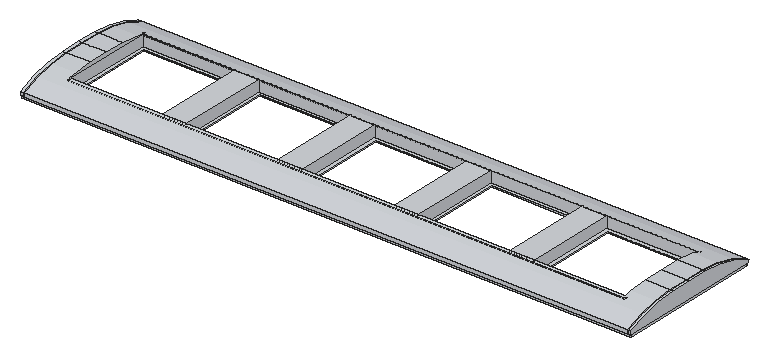
Revit family "Gira_0215723", category Electrical Fixtures, host Face, Revit 2017
Family settings
  Host = Face
  Maintain Annotation Orientation = No
  Round Connector Dimension = Use Diameter
  Part Type = Normal
  Cut with Voids When Loaded = No
  Shared = No
  Room Calculation Point = No
Parameters (values of type "Abdeckrahmen 5f Zwischenr. RW Gira Event Klar Weiß")
  Werkstoffgüte = "Thermoplast"
  Werkstoff = "Kunststoff"
  URL = "http://katalog.gira.de/de_DE/datenblatt.html?artikelnr=0215723"
  Transparent = "No"
  Textfeld/Beschriftungsfläche = "No"
  Schutzart (IP) = "IP20"
  Region = "DE"
  Oberfläche = "sonstige"
  Name = "Abdeckrahmen 5f Zwischenr. RW Gira Event Klar Weiß"
  Montagerichtung = "horizontal und vertikal"
  Mit Montagerahmen = "No"
  Mit Klappdeckel = "No"
  Manufacturer URL = "https://www.gira.de/"
  Keynote = "Event_Rahmen_5fach"
  HeinzeBIM = "https://bimportal.heinze.de/bim/abdeckrahmen-5f-zwischenr-rw-gira-event-klar-weiss/f6dced02cd7160956ee6e59b14a1e837f461fb89"
  Halogenfrei = "Yes"
  HAN = "0215723"
  Geeignet für Unterputz-Installation = "Yes"
  Geeignet für Unterflurkanaldose = "No"
  Geeignet für Geräteeinbaukanal = "No"
  Geeignet für Einbauinstallation = "No"
  GTIN = "4010337068693"
  Farbe = "weiß"
  Default Elevation = 1219.2 mm
  Data sheet (1) = "https://katalog.gira.de/de_DE/download.html?artikelnr=0215723"
  Category = "Abdeckrahmen"
  Befestigungsart = "Klemmbefestigung"
  Available = "Yes"
  Anzahl der Einheiten vertikal = "5 "
  Anzahl der Einheiten horizontal = "5 "
  Anzahl der Einheiten = "5 "
Reference planes
  plane 1 "Center (Front/Back)": y = 0
  plane 2: z = 0
  plane 3 "Center (Left/Right)": x = 0
Forms (mm)
  Extrusion 1, solid, detail levels fine
    sketch origin (0, 0, 0.05) x (0, 1, 0) y (0, 0, 1)
      loop
        arc (12.445, 9.683) -> (6.223, 9.833) -> (0, 9.85) r 291.636
        arc (0, 9.85) -> (-6.223, 9.833) -> (-12.445, 9.683) r 291.636
        arc (-12.445, 9.683) -> (-29.14, 7.482) -> (-45, 1.823) r 79.728
        line (-45, 1.823) -> (-45, -0.05) -> (-42.086, -0.05)
        arc (-42.086, -0.05) -> (-21.385, 5.559) -> (0, 7.206) r 114.424
        arc (0, 7.206) -> (21.385, 5.559) -> (42.086, -0.05) r 114.424
        line (42.086, -0.05) -> (45, -0.05) -> (45, 1.823)
        arc (45, 1.823) -> (29.14, 7.482) -> (12.445, 9.683) r 79.728
    from -185.578 to 185.593
  Extrusion 2, void, detail levels fine
    sketch origin (0, 0, 0) x (1, 0, 0) y (0, 1, 0)
      loop
        line (170.607, 28) -> (-170.593, 28) -> (-170.593, -28) -> (170.607, -28) -> (170.607, 28)
    from 0.724 to 11
  Extrusion 3, solid, detail levels coarse
    sketch origin (0, 0, 0) x (1, 0, 0) y (0, 1, 0)
      loop
        line (-187.578, 45) -> (-187.578, -45) -> (187.593, -45) -> (187.593, 45) -> (-187.578, 45)
    from -1.5 to 9.9
  Extrusion 4, solid, detail levels medium
    sketch origin (0, 0, 0.05) x (0, 1, 0) y (0, 0, 1)
      loop
        arc (12.445, 9.683) -> (6.223, 9.833) -> (0, 9.85) r 291.636
        arc (0, 9.85) -> (-6.223, 9.833) -> (-12.445, 9.683) r 291.636
        arc (-12.445, 9.683) -> (-29.14, 7.482) -> (-45, 1.823) r 79.728
        line (-45, 1.823) -> (-45, -0.05) -> (45, -0.05) -> (45, 1.823)
        arc (45, 1.823) -> (29.14, 7.482) -> (12.445, 9.683) r 79.728
    from -187.578 to 187.593
  Extrusion 5, solid, detail levels fine
    sketch origin (-142.578, 0, -1.5) x (0, 1, 0) y (0, 0, -1)
      loop
        line (45, -3.373) -> (45, -1.5) -> (-45, -1.5) -> (-45, -3.373)
        arc (-45, -3.373) -> (-29.14, -9.032) -> (-12.445, -11.233) r 79.728
        arc (-12.445, -11.233) -> (-6.223, -11.383) -> (0, -11.4) r 291.636
        arc (0, -11.4) -> (6.223, -11.383) -> (12.445, -11.233) r 291.636
        arc (12.445, -11.233) -> (29.14, -9.032) -> (45, -3.373) r 79.728
    from 43 to 45
  Extrusion 6, solid, detail levels fine
    sketch origin (0, 0, 0) x (1, 0, 0) y (0, 1, 0)
      loop
        line (-168.493, 25.7) -> (-168.493, -25.7) -> (-116.693, -25.7) -> (-116.693, 25.7) -> (-168.493, 25.7)
      loop
        line (-45.398, -25.7) -> (-45.398, 25.7) -> (-97.198, 25.7) -> (-97.198, -25.7) -> (-45.398, -25.7)
      loop
        line (-171.487, 28.49) -> (-171.487, -28.495)
        spline (-171.487, -28.495) -> (-171.479, -28.625) -> (-171.453, -28.754) -> (-171.411, -28.878) -> (-171.353, -28.995) -> (-171.281, -29.104) -> (-171.194, -29.202) -> (-171.096, -29.288) -> (-170.987, -29.361) -> (-170.87, -29.419) -> (-170.746, -29.461) -> (-170.618, -29.486) -> (-170.487, -29.495)
        line (-170.487, -29.495) -> (170.502, -29.495)
        spline (170.502, -29.495) -> (170.633, -29.486) -> (170.761, -29.461) -> (170.885, -29.419) -> (171.002, -29.361) -> (171.111, -29.288) -> (171.209, -29.202) -> (171.296, -29.104) -> (171.368, -28.995) -> (171.426, -28.878) -> (171.468, -28.754) -> (171.494, -28.625) -> (171.502, -28.495)
        line (171.502, -28.495) -> (171.502, 28.49)
        spline (171.502, 28.49) -> (171.494, 28.62) -> (171.468, 28.748) -> (171.426, 28.872) -> (171.368, 28.99) -> (171.296, 29.098) -> (171.209, 29.197) -> (171.111, 29.283) -> (171.002, 29.356) -> (170.885, 29.413) -> (170.761, 29.456) -> (170.633, 29.481) -> (170.502, 29.49)
        line (170.502, 29.49) -> (-170.487, 29.49)
        spline (-170.487, 29.49) -> (-170.618, 29.481) -> (-170.746, 29.456) -> (-170.87, 29.413) -> (-170.987, 29.356) -> (-171.096, 29.283) -> (-171.194, 29.197) -> (-171.281, 29.098) -> (-171.353, 28.99) -> (-171.411, 28.872) -> (-171.453, 28.748) -> (-171.479, 28.62) -> (-171.487, 28.49)
      loop
        line (25.902, -25.7) -> (25.902, 25.7) -> (-25.898, 25.7) -> (-25.898, -25.7) -> (25.902, -25.7)
      loop
        line (97.207, -25.7) -> (97.207, 25.7) -> (45.407, 25.7) -> (45.407, -25.7) -> (97.207, -25.7)
      loop
        line (168.507, -25.7) -> (168.507, 25.7) -> (116.707, 25.7) -> (116.707, -25.7) -> (168.507, -25.7)
    from 0.1 to 7.3
  Extrusion 7, solid
    sketch origin (0, 0, 0) x (1, 0, 0) y (0, 1, 0)
      loop
        arc (-187.293, -44.218) -> (-187.146, -44.572) -> (-186.793, -44.718) r 0.5
        line (-186.793, -44.718) -> (186.807, -44.718)
        arc (186.807, -44.718) -> (187.161, -44.572) -> (187.307, -44.218) r 0.5
        line (187.307, -44.218) -> (187.307, 44.182)
        arc (187.307, 44.182) -> (187.161, 44.535) -> (186.807, 44.682) r 0.5
        line (186.807, 44.682) -> (-186.793, 44.682)
        arc (-186.793, 44.682) -> (-187.146, 44.535) -> (-187.293, 44.182) r 0.5
        line (-187.293, 44.182) -> (-187.293, -44.218)
      loop
        line (-185.593, 42.982) -> (-185.593, -43.018) -> (185.607, -43.018) -> (185.607, 42.982) -> (-185.593, 42.982)
    from -1.5 to 0.5
  Extrusion 8, solid, detail levels fine
    sketch origin (142.593, 0, -1.5) x (0, 1, 0) y (0, 0, 1)
      loop
        arc (45, 3.373) -> (29.14, 9.032) -> (12.445, 11.233) r 79.728
        arc (12.445, 11.233) -> (6.223, 11.383) -> (0, 11.4) r 291.636
        arc (0, 11.4) -> (-6.223, 11.383) -> (-12.445, 11.233) r 291.636
        arc (-12.445, 11.233) -> (-29.14, 9.032) -> (-45, 3.373) r 79.728
        line (-45, 3.373) -> (-45, 1.5) -> (45, 1.5) -> (45, 3.373)
    from 43 to 45
  Extrusion 9, solid, detail levels medium
    sketch origin (0, 0, 0) x (1, 0, 0) y (0, 1, 0)
      loop
        line (-187.293, -44.718) -> (187.307, -44.718) -> (187.307, 44.682) -> (-187.293, 44.682) -> (-187.293, -44.718)
    from -1.5 to 0.5
  Extrusion 10, solid, detail levels fine
    sketch origin (-105.5, 0, 0) x (1, 0, 0) y (0, 1, 0)
      loop
        line (-8.943, 28.063) -> (-8.943, -27.937) -> (6.057, -27.937) -> (6.057, 28.063) -> (-8.943, 28.063)
    from 0.724 to 7.566
  Extrusion 11, solid, detail levels fine
    sketch origin (-37.085, 0, 0) x (-1, 0, 0) y (0, -1, 0)
      loop
        line (-8.943, -28.063) -> (6.057, -28.063) -> (6.057, 27.937) -> (-8.943, 27.937) -> (-8.943, -28.063)
    from 0.724 to 7.566
  Extrusion 12, solid, detail levels fine
    sketch origin (105.5, 0, 0) x (-1, 0, 0) y (0, -1, 0)
      loop
        line (-8.943, -28.063) -> (6.057, -28.063) -> (6.057, 27.937) -> (-8.943, 27.937) -> (-8.943, -28.063)
    from 0.724 to 7.566
  Extrusion 13, solid, detail levels fine
    sketch origin (37.085, 0, 0) x (1, 0, 0) y (0, 1, 0)
      loop
        line (-8.943, 28.063) -> (-8.943, -27.937) -> (6.057, -27.937) -> (6.057, 28.063) -> (-8.943, 28.063)
    from 0.724 to 7.566
Cuts and joins
  Extrusion 2 cuts Extrusion 1
  Extrusion 2 cuts Extrusion 6
Dimensions and locks
  aligned and locked: plane 2 to host face
  aligned and locked: level to host face
